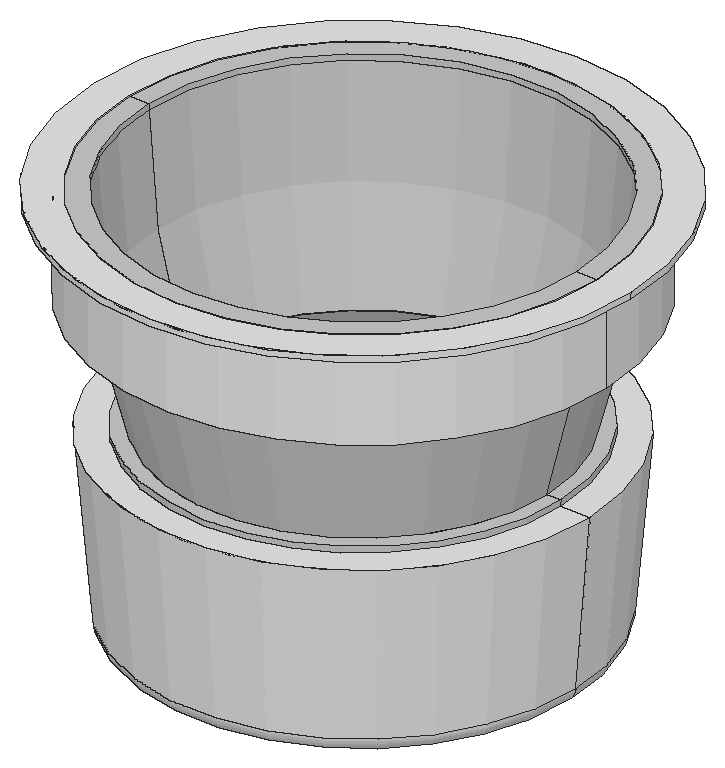
Revit family "2059348 Lighting Fixture_Sylvania_Ascent 150 II Round_Ceiling Recessed", category Lighting Fixtures, host Face, Revit 2017
Family settings
  Host = Face
  Round Connector Dimension = Use Diameter
  Part Type = Normal
  OmniClass Number = 23.80.70.11.17
  OmniClass Title = Specialized Lighting by Location or Use
  Cut with Voids When Loaded = No
  Light Source = Yes
  Shared = No
  Room Calculation Point = No
Parameters (values of type "ASCENT 150 II 1600 3K STD")
  Upper Body Radius = Radius - 14.5 mm  # 80.0 mm
  Upper Body Material = Metal_Sylvania_Ascent 150 II_Black
  Ring Outer Diameter = Diameter - 17.0 mm  # 172.0 mm
  Ring Inner Diameter = Ring Outer Diameter - 4.0 mm  # 168.0 mm
  Reflector Material = Metal_Sylvania_Ascent 150 II_Polished
  Recessed Depth = 142.0 mm
  Radius = Diameter / 2  # 94.5 mm
  Light Emit  Diameter = Diameter - 38.0 mm  # 151.0 mm
  LOR = "100%"  # constant formula
  Inrush Current (max. quantity per 16A C breaker) = "80"  # constant formula
  Inner Reflector Radius = Inner Radius - 19.5 mm  # 63.0 mm
  Inner Radius = Inner Diameter / 2  # 82.5 mm
  Inner Diameter = Diameter - 24.0 mm  # 165.0 mm
  IP Rating = "IP44"  # constant formula
  IK Rating = "IK02"  # constant formula
  Glow Wire Test = 650 °C  # constant formula
  Energy Class = "A++,A+,A"  # constant formula
  Weight = 1.7 kg
  Wattage = 13.0081 W
  built-in parameter 1150110 = 1 (stored number, unit not read)
  Voltage Comments = "UNV (Universal Voltage; 220-240 Volt)"  # constant formula
  Voltage = 230 V  # constant formula
  URL = "https://www.sylvania-lighting.com"
  built-in parameter 1114217 = 1 (stored number, unit not read)
  Tilt Angle = -90°
  built-in parameter 1150109 = 1 (stored number, unit not read)
  built-in parameter 1150134 = (empty or 0)
  built-in parameter 1150113 = 1 (stored number, unit not read)
  Product Page URL = "https://www.sylvania-lighting.com/product/en-int/products/2059348"
  Product Family = "ASCENT 150 II ROUND"  # constant formula
  Photometry Comments = ""
  Photometric Web File = "2059348_ASCENT150II16003KSTD-206157.ies"
  Life = "50 000 h"  # constant formula
  Emit from Circle Diameter = Light Emit  Diameter  # 151.0 mm
  Emit Shape Visible in Rendering = no
  Emergency duration (h) = "N/A"
  Electrical Protection = "Class II"  # constant formula
  Drive Current = "500mA"  # constant formula
  Distribution type = "Direct"  # constant formula
  Diffuser Material = Glass_Sylvania_Ascent 150 II_Clear_3000K
  Diameter = 189.0 mm
  Cutout Diameter = Diameter - 13.0 mm  # 176.0 mm
  Colour consistency (SDCM) = "3 step"  # constant formula
  built-in parameter 1114216 [instance] = 1 (stored number, unit not read)
  Model = "ASCENT 150 II 1600 3K STD"
  Manufacturer = "Feilo Sylvania"
  built-in parameter 1150105 = 977.95 (stored number, unit not read)
  Lumens = 1600 lm
  built-in parameter 1150115 = 1 (stored number, unit not read)
  built-in parameter 1150137 = (empty or 0)
  built-in parameter 1150139 = (empty or 0)
  built-in parameter 1150112 = 1 (stored number, unit not read)
  built-in parameter 1150114 = 1 (stored number, unit not read)
  Lamp Comments = "Integrated LED"  # constant formula
  Lamp = "LED"  # constant formula
  built-in parameter 1150132 = 2
  built-in parameter 1150102 = (empty or 0)
  built-in parameter 1150107 = 3000 (stored number, unit not read)
  built-in parameter 1150138 = (empty or 0)
  built-in parameter 1150106 = 9.7795 (stored number, unit not read)
  built-in parameter 1150104 = 11.427 (stored number, unit not read)
  Dimming Lamp Color Temperature Shift = <None>
  Description = "A very high efficient round downlight up to 127lm/W Long life >50,000hrs 4,000K and 3,000K CCT and CRI Ra85 IP44 rated for wet areas and bathrooms UGR <19 version for offices to comply with EN12464-1 Wide selection of decorative accessories"  # constant formula
  Default Elevation = 0.0 mm
  Color Filter = 16777215
  Catalog Number = "2059348 ASCENT 150 II 1600 3K STD"
  built-in parameter 1140040 [instance] = 1
  CRI (Ra) = ">80"  # constant formula
  built-in parameter 1114218 = 1 (stored number, unit not read)
  built-in parameter 1150133 = 10 (stored number, unit not read)
  Assembly Code = "D5020200"
  Apparent Load Comments = ""
  Apparent Load = 10 VA
  Accessory Material = Aluminum_Sylvania_Ascent 150 II_White
Reference planes
  plane 1 "Center (Front/Back)": y = 0
  plane 2: z = 0
  plane 3 "Center (Left/Right)": x = 0
  plane 4: z = 2
  plane 5: z = -74
  plane 6 "Fixture Top": z = -140
  plane 7: z = -31
  plane 8: z = -72
  plane 9: z = -62.037
Forms (mm)
  Extrusion 1, solid, material "Aluminum_Sylvania_Ascent 150 II_White" <- "Accessory Material", detail levels fine
    sketch origin (0, 0, 0) x (1, 0, 0) y (0, 1, 0)
      loop
        circle (0, 0) r 94.5
      loop
        circle (0, 0) r 82.5
    from 0 to 2
  Extrusion 2, void
    sketch origin (0, 0, 0) x (1, 0, 0) y (0, 1, 0)
      loop
        circle (0, 0) r 88
    from -140 to 2
  Revolve 3, solid, material "Metal_Sylvania_Ascent 150 II_Polished" <- "Reflector Material", detail levels fine
    sketch origin (0, 0, 0) x (1, 0, 0) y (0, 0, 1)
      loop
        line (-82.5, 0) -> (-77.5, 0)
        arc (-77.5, 0) -> (-74.352, -36.539) -> (-65, -72) r 213.61
        line (-65, -72) -> (-70, -72) -> (-70, -74) -> (0, -74) -> (0, -72) -> (-63, -72)
        arc (-63, -72) -> (-72.352, -36.539) -> (-75.5, 0) r 213.61
        line (-75.5, 0) -> (-75.5, 2) -> (-82.5, 2) -> (-82.5, 0)
      axis (0, 2) -> (0, -74)
    angle from 0 to 360
  Extrusion 4, solid, material "Aluminum_Sylvania_Ascent 150 II_White" <- "Accessory Material", detail levels fine
    sketch origin (0, 0, 0) x (1, 0, 0) y (0, 1, 0)
      loop
        circle (0, 0) r 86
      loop
        circle (0, 0) r 84
    from -31 to 0
  Revolve 5, solid, material "Glass_Sylvania_Ascent 150 II_Clear_3000K" <- "Diffuser Material", detail levels fine
    sketch origin (0, 0, 0) x (1, 0, 0) y (0, 0, 1)
      loop
        line (-63, -72) -> (0, -72) -> (0, -62.037)
        arc (0, -62.037) -> (-31.891, -64.543) -> (-63, -72) r 204.163
      axis (0, -62.037) -> (0, -72)
    angle from 0 to 360
  Revolve 6, solid, material "Metal_Sylvania_Ascent 150 II_Black" <- "Upper Body Material", detail levels fine
    sketch origin (0, 0, 0) x (1, 0, 0) y (0, 0, 1)
      loop
        line (0, -74) -> (-80, -74) -> (-75.107, -129.929)
        arc (-75.107, -129.929) -> (-73.452, -133.536) -> (-69.924, -135.353) r 6.079
        arc (-69.924, -135.353) -> (-35.039, -138.837) -> (0, -140) r 528.435
        line (0, -140) -> (0, -74)
      axis (0, -74) -> (0, -140)
    angle from 0 to 360
  Revolve 7, solid, material "Aluminum_Sylvania_Ascent 150 II_White" <- "Accessory Material", detail levels coarse+medium
    sketch origin (0, 0, 0) x (1, 0, 0) y (0, 0, 1)
      loop
        arc (-69.924, -135.353) -> (-35.039, -138.837) -> (0, -140) r 528.435
        line (0, -140) -> (0, 2) -> (-94.5, 2) -> (-94.5, 0) -> (-86, 0) -> (-86, -31)
        arc (-86, -31) -> (-84.493, -52.708) -> (-80, -74) r 157.083
        line (-80, -74) -> (-75.107, -129.929)
        arc (-75.107, -129.929) -> (-73.452, -133.536) -> (-69.924, -135.353) r 6.079
      axis (0, 2) -> (0, -140)
    angle from 0 to 360
Cuts and joins
  joined: Extrusion 1, Extrusion 4
Lines and regions (mm)
  Masking region 1
    outline origin (0, 0, 0) x (1, 0, 0) y (0, 1, 0)
      loop
        circle (0, 0) r 94.5
  symbolic lines, detail levels fine
    curve 1: arc (-75.5, 0, 0) -> (0, 75.5, 0) -> (75.5, 0, 0) r 75.5
    curve 2: arc (75.5, 0, 0) -> (0, -75.5, 0) -> (-75.5, 0, 0) r 75.5
Dimensions and locks
  plane 4 to plane 2 to plane 7 to plane 9 to plane 8 to plane 5 = 2.0 mm locked, 31.0 mm locked, 31.037 mm locked, 9.963 mm locked, 2.0 mm locked
  "Inner Radius": plane 3 "Center (Left/Right)" to Revolve 3 sketch curve
  locked: Revolve 3 sketch curve to Revolve 3 sketch curve at 7
  Revolve 3 sketch curve to Revolve 3 sketch curve to Revolve 3 sketch curve to Revolve 3 sketch curve = 2.0 mm locked, 5.0 mm locked, 12.5 mm locked
  "Inner Reflector Radius": Revolve 5 sketch curve to imposter light
  Revolve 6 sketch curve to Revolve 6 sketch curve to plane 6 "Fixture Top" = 5.424 mm locked, 4.647 mm locked
  "Recessed Depth": plane 4 to plane 6 "Fixture Top"
  "Upper Body Radius": plane 3 "Center (Left/Right)" to Revolve 6 sketch curve
  Revolve 6 sketch curve to Revolve 6 sketch curve to Revolve 6 sketch curve = 4.893 mm locked, 5.183 mm locked
  Revolve 7 sketch curve to Revolve 7 sketch curve to plane 6 "Fixture Top" = 5.424 mm locked, 4.647 mm locked
  Revolve 7 sketch curve to Revolve 7 sketch curve to Revolve 7 sketch curve to Revolve 7 sketch curve to Revolve 7 sketch curve = 8.5 mm locked, 6.0 mm locked, 4.893 mm locked, 5.183 mm locked
  "Radius": plane 3 "Center (Left/Right)" to Revolve 7 sketch curve
  "Diameter": diameter of Extrusion 1 sketch curve
  "Inner Diameter": diameter of Extrusion 1 sketch curve
  "Cutout Diameter": diameter of Extrusion 2 sketch curve
  "Ring Outer Diameter": diameter of Extrusion 4 sketch curve
  "Ring Inner Diameter": diameter of Extrusion 4 sketch curve
  aligned and locked: plane 2 to host face
  aligned and locked: level to host face
  aligned and locked: imposter light to plane 3 "Center (Left/Right)"
  aligned and locked: imposter light to plane 1 "Center (Front/Back)"
  aligned and locked: Extrusion 1 to plane 2
  aligned and locked: plane 4 to Extrusion 1
  aligned and locked: imposter light to plane 4
  aligned and locked: imposter light to Revolve 3 sketch curve
  aligned and locked: Revolve 3 sketch curve to imposter light
  aligned and locked: Revolve 3 sketch curve to plane 2
  aligned and locked: Revolve 3 sketch curve to Revolve 3 sketch curve
  aligned and locked: plane 5 to Revolve 3 sketch curve
  aligned and locked: Extrusion 4 to plane 7
  aligned and locked: Revolve 3 sketch curve to plane 8
  aligned and locked: Revolve 5 sketch curve to plane 8
  aligned and locked: imposter light to Revolve 5 sketch curve  (x2)
  aligned and locked: imposter light to Revolve 6 sketch curve  (x2)
  aligned and locked: plane 5 to Revolve 6 sketch curve
  aligned and locked: plane 6 "Fixture Top" to Revolve 6 sketch curve
  aligned and locked: Revolve 7 sketch curve to plane 2
  aligned and locked: plane 4 to Revolve 7 sketch curve
  aligned and locked: plane 7 to Revolve 7 sketch curve
  aligned and locked: imposter light to Extrusion 2
  aligned and locked: Extrusion 2 to plane 6 "Fixture Top"
  aligned and locked: Masking region 1 sketch curve to Revolve 7  (x2)
  aligned and locked: curve 1 to Revolve 3
  aligned and locked: curve 2 to Revolve 3
Automatic sketch dimensions
  host sketch curve to host sketch curve = 1040.406 mm
  host sketch curve to host sketch curve = 988.385 mm
  Extrusion 1 sketch curve to Extrusion 1 sketch curve = 0.0 mm  (x2)
  plane 1 "Center (Front/Back)" to Extrusion 1 sketch curve = 0.0 mm
  Extrusion 1 sketch curve to plane 3 "Center (Left/Right)" = 0.0 mm
  plane 1 "Center (Front/Back)" to Extrusion 2 sketch curve = 0.0 mm
  Extrusion 2 sketch curve to plane 3 "Center (Left/Right)" = 0.0 mm
  Revolve 3 sketch curve to plane 3 "Center (Left/Right)" = 0.0 mm
  Revolve 3 sketch curve to level = 0.0 mm
  Revolve 3 sketch curve to Revolve 3 sketch curve = 2.0 mm
  Revolve 3 sketch curve to plane 5 = 27.065 mm
  plane 4 to Revolve 3 sketch curve = 16.525 mm
  Extrusion 4 sketch curve to Extrusion 4 sketch curve = 0.0 mm  (x2)
  plane 1 "Center (Front/Back)" to Extrusion 4 sketch curve = 0.0 mm
  Extrusion 4 sketch curve to plane 3 "Center (Left/Right)" = 0.0 mm
  Revolve 5 sketch curve to plane 9 = 0.0 mm
  Revolve 5 sketch curve to plane 5 = 17.158 mm
  Revolve 5 sketch curve to plane 7 = 15.158 mm
  Revolve 6 sketch curve to plane 7 = 0.0 mm
  Revolve 6 sketch curve to Revolve 6 sketch curve = 6.05 mm
  Revolve 6 sketch curve to plane 6 "Fixture Top" = 26.0 mm
  Revolve 7 sketch curve to plane 3 "Center (Left/Right)" = 0.0 mm  (x2)
  Revolve 7 sketch curve to plane 6 "Fixture Top" = 0.0 mm
  Revolve 7 sketch curve to plane 5 = 0.0 mm
  Revolve 7 sketch curve to plane 7 = 0.0 mm
  Revolve 7 sketch curve to Revolve 7 sketch curve = 0.866 mm
  Revolve 7 sketch curve to Revolve 7 sketch curve = 26.0 mm
Connectors
  electrical at (0, 0, -140), driven by "Apparent Load", driven by "Voltage"
    settings: index 1, voltage 230 V, apparent load 0 VA, apparent load phase1 10 VA, apparent load phase2 0 VA, apparent load phase3 0 VA, power factor 1, load classification "Lighting", number of poles 1, system type 31, power factor state 1, is connector primary yes, connector utility no, sub classification motor no, connector description ""
